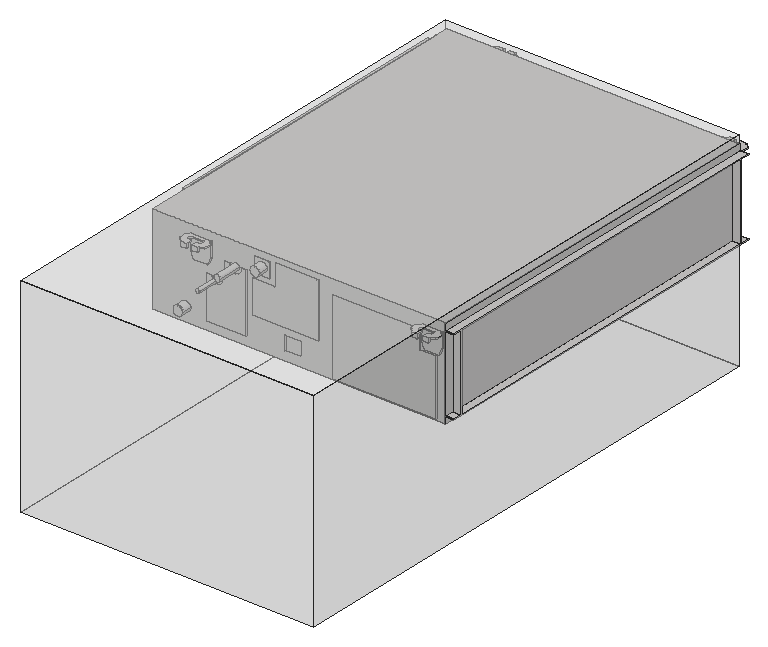
Revit family "outputfile", category 機械設備, Revit 2024
Family settings
  丸型コネクタ寸法 = 半径を使用
  パーツ タイプ = 標準
  OmniClass 番号 = 23.75.10.24.21.27.27
  OmniClass タイトル = Split System Air Conditioning Units
  作業面ベース = いいえ
  常に垂直 = はい
  ロード時にボイドで切り取り = いいえ
  注釈の向きを維持 = いいえ
  共有 = いいえ
  部屋計算ポイント = はい
Parameters (values of type "FBA24CV2S")
  製造元 = "Daikin"
  書き出し IFC クラス(タイプ) = "IfcUnitaryEquipmentType"
  定義済み IFC タイプ(タイプ) = "AIRCONDITIONINGUNIT"
  モデル = "FBA24CV2S"
  switch_frequency = yes
  r_Liquid Pipe Size = Liquid Pipe Size / 2  # 4.75 mm
  r_Gas Pipe Size = Gas Pipe Size / 2  # 7.95 mm
  r_Drain Pipe Size = Drain Pipe Size / 2  # 12.5 mm
  lw_power = 770.0 mm  # constant formula
  lh_SA = 138.0 mm  # constant formula
  lw_SA = if(Width = 550.0 mm, 225.0 mm, if(Width = 700.0 mm, 300.0 mm, if(Width = 1000.0 mm, 450.0 mm, if(Width = 1400.0 mm, 650.0 mm, 725.0 mm))))  # 450.0 mm
  lw_RA = if(Width = 550.0 mm, 275.0 mm, if(Width = 700.0 mm, 349.0 mm, if(Width = 1000.0 mm, 499.0 mm, if(Width = 1400.0 mm, 699.0 mm, 775.0 mm))))  # 499.0 mm
  lh_power = 60.0 mm + [h***]  # 60.0 mm
  lh_mountinghole1 = lh_mountinghole + [h***]  # 222.0 mm
  lh_RA = 123.0 mm  # constant formula
  ld_power = Width / 2  # 500.0 mm
  connector_voltage = Voltage_50Hz  # 220 V
  connector_powerinput = [Power Input (Cooling)]  # 1.950 kW
  connector_phase = Phase_50Hz  # 1
  Voltage_comment_50Hz = "220 - 240"
  Voltage_50Hz = 220 V
  Supply Air Direction [instance] = yes
  Phase_50Hz = 1
  Minimum External Static Pressure = 50.00 Pa
  Maximum External Static Pressure = 150.00 Pa
  Material_Casing = DAIKIN_GalvanizedSteel_Casing_indoorunit
  lw_mountinghole = 630.0 mm  # constant formula
  lh_gaspipe = 183.0 mm + [h***]  # 183.0 mm
  lh_mountinghole = 222.0 mm  # constant formula
  lh_liquidpipe = 136.0 mm + [h***]  # 136.0 mm
  lh_drainpipe = 207.0 mm + [h***]  # 207.0 mm
  lh_antena = Height - lh_mountinghole + 1.0 mm  # 24.0 mm
  ld_drainpipe = Width / 2 + 26.0 mm  # 526.0 mm
  ld_liquidpipe = Width / 2 + 69.0 mm  # 569.0 mm
  ld_gaspipe = Width / 2 + 65.0 mm  # 565.0 mm
  ld_mountinghole = Width + 38.0 mm  # 1038.0 mm
  h*** = 0.0 mm  # constant formula
  lw_liquidpipe = 179.0 mm  # constant formula
  lw_gaspipe = 229.0 mm  # constant formula
  lw_drainpipe = 300.0 mm  # constant formula
  Width = 1000.0 mm
  Version = "ver.1.0"
  Unit Type = "Duct"
  Unit Mass Weight = 37.00 kg
  Unit Designation [instance] = ""
  Uniclass2015Version = "Products v1.30"
  Uniclass2015Title = "Split coil room air conditioning units"
  Uniclass2015Code = "Pr_70_65_03_86"
  Total Cooling Capacity [instance] = 0.000 kW
  Sound Pressure Level_M speed (dBA) = 35
  Sound Pressure Level_L speed (dBA) = 33
  Sound Pressure Level_H speed (dBA) = 38
  Series = "SkyAir_Fan Coil Unit"
  Sensible Cooling Capacity [instance] = 0.000 kW
  SA Duct Size Width = 792.0 mm
  SA Duct Size Height = 176.0 mm
  Refrigerant Type = "R32"
  RA Duct Size Width = 952.0 mm
  RA Duct Size Height = 208.0 mm
  Power Input (Cooling) = 1.950 kW
  Option Accessory 3 [instance] = ""
  Option Accessory 2 [instance] = ""
  Option Accessory 1 [instance] = ""
  Nominal Cooling Capacity = 7.000 kW
  Minimum Airflow = 960.00 m³/h
  Median Airflow = 1170.00 m³/h
  Maximum Airflow = 1380.00 m³/h
  Load Classification = HVAC
  Liquid Pipe Size = 9.5 mm
  Link_Nested Family [instance] = ""
  IfcVersion = ""
  IfcExportType = "AIRCONDITIONINGUNIT"
  IfcExportAs = "IfcUnitaryEquipmentType"
  Height = 245.0 mm
  Heat Exchanger Type = "Cross Fin Coil"
  Gas Pipe Size = 15.9 mm
  Frequency_50Hz = 50 Hz
  Fan Type = "Sirocco Fan"
  Fan Drive = "Direct Drive"
  FCU Tag No. [instance] = ""
  Drain Pipe Size = 25.0 mm
  Design Supply Airflow [instance] = 0.00 m³/h
  Design Return Airflow [instance] = 0.00 m³/h
  Design External Static Pressure [instance] = 0.00 Pa
  Depth = 800.0 mm
  既定の高さ = 0.0 mm
  Cooling Entering Wet Bulb Temperature [instance] = 0.00 °C
  Cooling Entering Dry Bulb Temperature [instance] = 0.00 °C
  Cooling Ambient Wet Bulb Temperature [instance] = 0.00 °C
  Cooling Ambient Dry Bulb Temperature [instance] = 0.00 °C
  Clearance visibility [instance] = yes
  Clearance Top = 20.0 mm
  Clearance Right = 0.0 mm
  Clearance Rear = 0.0 mm
  Clearance Left = 0.0 mm
  Clearance Front = 450.0 mm
  Clearance Bottom = 300.0 mm
Reference planes
  plane 1 "Center (Front/Back)": y = 0
  plane 2 "h": z = 0
  plane 3 "Center (Left/Right)": x = 0
  plane 4 "Back": y = 500
  plane 5 "Front": y = -500
  plane 6 "Left": x = -400
  plane 7 "Right": x = 400
  plane 8 "Top": z = 0
  plane 9 "Bottom": z = -245
  plane 10: y = -215
  plane 11: y = 500
  plane 12: y = -950
  plane 13: x = -400
  plane 14: x = 400
  plane 15: z = 20
  plane 16: z = -545
  plane 17: x = -400
  plane 18: x = -399
  plane 19: x = 399
  plane 20: y = 50
  plane 21: y = -1
  plane 22: z = -122
  plane 23: y = -501
  plane 24: z = -109
  plane 25: x = -221
  plane 26: y = -565
  plane 27: z = -62
  plane 28: x = -171
  plane 29: y = -526
  plane 30: z = -38
  plane 31: x = -100
  plane 32: x = -100
  plane 33: x = -221
  plane 34: x = -171
  plane 35: x = 370
  plane 36: x = -266
  plane 37: x = 364
  plane 38: y = -519
  plane 39: y = 519
  plane 40: z = -23
  plane 41: z = -107
  plane 42: y = -569
  plane 43: z = -207
  plane 44: x = -309
  plane 45: y = -376
  plane 46: x = -251
  plane 47: x = -203
  plane 48: x = -144
  plane 49: z = -59
  plane 50: z = -106
  plane 51: z = -221
  plane 52: z = -109
  plane 53: x = -221
  plane 54: z = -62
  plane 55: x = -171
  plane 56: z = -17
  plane 57: z = -59
  plane 58: x = -121
  plane 59: x = -79
  plane 60: x = -125
  plane 61: x = -64
  plane 62: x = 53
  plane 63: z = -164
  plane 64: z = -73
  plane 65: z = -16
  plane 66: x = 93.5
  plane 67: x = 374.5
  plane 68: x = 330
  plane 69: z = -88.5
  plane 70: z = -38
  plane 71: z = -242.5
  plane 72: x = -38.5
  plane 73: x = 6.5
  plane 74: z = -181
  plane 75: z = -221
  plane 76: y = -499
  plane 77: x = -424
  plane 78: x = 424
Forms (mm)
  Extrusion 1, solid, material "DAIKIN_GalvanizedSteel_Casing_indoorunit" <- "Material_Casing"
    sketch origin (0, 0, 0) x (1, 0, 0) y (0, 1, 0)
      loop
        line (-399, 500) -> (-399, -500) -> (399, -500) -> (399, 500) -> (-399, 500)
    from -245 to 0
  Extrusion 2, solid, material "DAIKIN_GalvanizedSteel_Casing_indoorunit" <- "Material_Casing"
    sketch origin (0, 0, 0) x (1, 0, 0) y (0, 0, 1)
      loop
        line (-251, -221) -> (-144, -221) -> (-144, -59) -> (-154.47, -59)
        arc (-154.47, -59) -> (-171, -78.8) -> (-187.53, -59) r 16.8
        line (-187.53, -59) -> (-203, -59) -> (-203, -106) -> (-206.916, -106)
        arc (-206.916, -106) -> (-221, -123.4) -> (-235.084, -106) r 14.4
        line (-235.084, -106) -> (-251, -106) -> (-251, -221)
    from 500 to 501
  Extrusion 3, solid, material "DAIKIN_GalvanizedSteel_Casing_indoorunit" <- "Material_Casing"
    sketch origin (0, 0, 0) x (1, 0, 0) y (0, 0, 1)
      loop
        line (-121, -17) -> (-121, -59) -> (-79, -59) -> (-79, -17) -> (-121, -17)
      loop
        line (-125, -73) -> (-125, -164) -> (53, -164) -> (53, -16) -> (-64, -16) -> (-64, -73) -> (-125, -73)
    from 500 to 501
  Extrusion 4, solid, material "DAIKIN_GalvanizedSteel_Casing_indoorunit" <- "Material_Casing"
    sketch origin (0, 0, 0) x (1, 0, 0) y (0, 0, 1)
      loop
        line (93.5, -38) -> (93.5, -242.5) -> (374.5, -242.5) -> (374.5, -88.5) -> (330, -88.5) -> (330, -38) -> (93.5, -38)
    from 500 to 501
  Extrusion 5, solid, material "DAIKIN_GalvanizedSteel_Casing_indoorunit" <- "Material_Casing"
    sketch origin (0, 0, 0) x (1, 0, 0) y (0, 0, 1)
      loop
        circle (-221, -109) r 4.75
    from 500 to 569
  Extrusion 6, solid, material "DAIKIN_GalvanizedSteel_Casing_indoorunit" <- "Material_Casing"
    sketch origin (0, 0, 0) x (1, 0, 0) y (0, 0, 1)
      loop
        circle (-171, -62) r 7.95
    from 500 to 565
  Extrusion 7, solid, material "DAIKIN_GalvanizedSteel_Casing_indoorunit" <- "Material_Casing"
    sketch origin (0, 0, 0) x (1, 0, 0) y (0, 0, 1)
      loop
        circle (-100, -38) r 12.5
    from 501 to 526
  Extrusion 8, solid, material "DAIKIN_GalvanizedSteel_Casing_indoorunit" <- "Material_Casing"
    sketch origin (0, 0, 0) x (1, 0, 0) y (0, 0, 1)
      loop
        circle (-309, -207) r 13
    from 500 to 526
  Extrusion 9, void
    sketch origin (0, 0, 0) x (1, 0, 0) y (0, 0, 1)
      loop
        line (-38.5, -181) -> (-38.5, -221) -> (6.5, -221) -> (6.5, -181) -> (-38.5, -181)
    from 499 to 500
Cuts and joins
  Extrusion 9 cuts Extrusion 1
Dimensions and locks
  "Height": plane 8 "Top" to plane 9 "Bottom"
  equal spacing: plane 4 "Back", plane 1 "Center (Front/Back)", plane 5 "Front"
  "Width": plane 4 "Back" to plane 5 "Front"
  equal spacing: plane 6 "Left", plane 3 "Center (Left/Right)", plane 7 "Right"
  "Depth": plane 6 "Left" to plane 7 "Right"
  "Clearance Left": plane 13 to plane 6 "Left"
  "Clearance Right": plane 7 "Right" to plane 14
  "Clearance Rear": plane 11 to plane 4 "Back"
  "Clearance Front": plane 5 "Front" to plane 12
  "Clearance Top": plane 15 to plane 8 "Top"
  "Clearance Bottom": plane 9 "Bottom" to plane 16
  locked: plane 17 to plane 18 at 1
  locked: plane 19 to plane 14 at 1
  "lw_RA": plane 21 to plane 5 "Front"
  "lh_RA": plane 22 to plane 9 "Bottom"
  locked: plane 5 "Front" to plane 23 at 1
  "lw_liquidpipe": plane 25 to plane 6 "Left"
  "lh_liquidpipe": plane 24 to plane 9 "Bottom"
  "lh_gaspipe": plane 27 to plane 9 "Bottom"
  "lw_gaspipe": plane 28 to plane 6 "Left"
  "ld_gaspipe": plane 26 to plane 1 "Center (Front/Back)"
  "ld_drainpipe": plane 29 to plane 1 "Center (Front/Back)"
  "lh_drainpipe": plane 30 to plane 9 "Bottom"
  "lw_drainpipe": plane 31 to plane 6 "Left"
  "lw_drainpipe": plane 6 "Left" to plane 32
  "lw_liquidpipe": plane 6 "Left" to plane 33
  "lw_gaspipe": plane 6 "Left" to plane 34
  "lw_power": plane 6 "Left" to plane 35
  locked: plane 17 to plane 36 at 134
  "lw_mountinghole": plane 36 to plane 37
  equal spacing: plane 38, plane 1 "Center (Front/Back)", plane 39
  "ld_mountinghole": plane 39 to plane 38
  "lh_mountinghole": plane 40 to plane 9 "Bottom"
  "lh_SA": plane 41 to plane 9 "Bottom"
  locked: plane 44 to plane 6 "Left" at 91
  locked: plane 43 to plane 9 "Bottom" at 38
  plane 48 to plane 47 to plane 46 to plane 6 "Left" = 59.0 mm, 48.0 mm, 149.0 mm
  plane 8 "Top" to plane 49 to plane 50 to plane 51 = 59.0 mm locked, 47.0 mm locked, 115.0 mm locked
  plane 55 to plane 53 to plane 6 "Left" = 50.0 mm locked, 179.0 mm locked
  plane 54 to plane 52 to plane 9 "Bottom" = 47.0 mm locked, 136.0 mm locked
  plane 59 to plane 58 to plane 6 "Left" = 42.0 mm locked, 279.0 mm locked
  plane 8 "Top" to plane 56 to plane 57 = 17.0 mm locked, 42.0 mm locked
  plane 62 to plane 61 to plane 60 to plane 6 "Left" = 117.0 mm, 61.0 mm, 275.0 mm
  plane 8 "Top" to plane 65 to plane 64 = 16.0 mm locked, 57.0 mm locked
  locked: plane 65 to plane 63 at 148
  plane 8 "Top" to plane 70 to plane 69 to plane 71 = 38.0 mm locked, 50.5 mm locked, 154.0 mm locked
  plane 67 to plane 68 to plane 66 to plane 6 "Left" = 44.5 mm locked, 236.5 mm locked, 493.5 mm locked
  plane 8 "Top" to plane 74 to plane 75 = 181.0 mm locked, 40.0 mm locked
  plane 73 to plane 72 to plane 6 "Left" = 45.0 mm, 361.5 mm
  locked: plane 76 to plane 5 "Front" at 1
  locked: plane 77 to plane 17 at 24
  locked: plane 14 to plane 78 at 24
  "ld_liquidpipe": plane 42 to plane 1 "Center (Front/Back)"
  "lw_SA": plane 4 "Back" to plane 20
  "r_Liquid Pipe Size": radius of Extrusion 5 sketch curve
  "r_Gas Pipe Size": radius of Extrusion 6 sketch curve
  "r_Drain Pipe Size": radius of Extrusion 7 sketch curve
  aligned and locked: level to plane 2 "h"
  aligned and locked: plane 8 "Top" to Extrusion 1
  aligned and locked: Extrusion 1 to plane 9 "Bottom"
  aligned and locked: nested 5 to plane 12
  aligned and locked: plane 13 to nested 5
  aligned and locked: plane 14 to nested 5
  aligned and locked: nested 5 to plane 13
  aligned and locked: plane 11 to nested 5
  aligned and locked: plane 15 to nested 5
  aligned and locked: plane 16 to nested 5
  aligned and locked: plane 5 "Front" to Extrusion 1 sketch curve
  aligned and locked: Extrusion 1 to plane 18
  aligned and locked: plane 19 to Extrusion 1
  aligned and locked: nested 7 to plane 18
  aligned and locked: nested 7 to plane 20
  aligned and locked: plane 19 to nested 8
  aligned and locked: plane 21 to nested 8
  aligned and locked: plane 22 to nested 8
  aligned and locked: Extrusion 2 to plane 23
  aligned and locked: plane 5 "Front" to Extrusion 2
  aligned and locked: Extrusion 3 to plane 23
  aligned and locked: plane 5 "Front" to Extrusion 3
  aligned and locked: plane 5 "Front" to Extrusion 4
  aligned and locked: Extrusion 5 sketch curve to plane 25
  aligned and locked: plane 24 to Extrusion 5 sketch curve
  aligned and locked: plane 5 "Front" to Extrusion 5
  aligned and locked: Extrusion 6 sketch curve to plane 28
  aligned and locked: plane 27 to Extrusion 6 sketch curve
  aligned and locked: plane 5 "Front" to Extrusion 6
  aligned and locked: Extrusion 7 sketch curve to plane 31
  aligned and locked: Extrusion 7 sketch curve to plane 30
  aligned and locked: Extrusion 7 to plane 29
  aligned and locked: plane 23 to Extrusion 7
  aligned and locked: nested 3 to plane 29
  aligned and locked: plane 32 to nested 3
  aligned and locked: nested 2 to plane 33
  aligned and locked: nested 1 to plane 34
  aligned and locked: Extrusion 6 to plane 26
  aligned and locked: nested 1 to plane 26
  aligned and locked: nested 6 to plane 5 "Front"
  aligned and locked: nested 6 to plane 35
  aligned and locked: plane 36 to nested 10
  aligned and locked: nested 10 to plane 5 "Front"
  aligned and locked: plane 37 to nested 9
  aligned and locked: nested 9 to plane 5 "Front"
  aligned and locked: nested 11 to plane 36
  aligned and locked: plane 4 "Back" to nested 11
  aligned and locked: nested 12 to plane 37
  aligned and locked: plane 4 "Back" to nested 12
  aligned and locked: plane 40 to nested 10
  aligned and locked: plane 40 to nested 11
  aligned and locked: plane 40 to nested 9
  aligned and locked: plane 40 to nested 12
  aligned and locked: plane 36 to nested 14
  aligned and locked: nested 14 to plane 39
  aligned and locked: plane 37 to nested 13
  aligned and locked: nested 13 to plane 39
  aligned and locked: plane 37 to nested 16
  aligned and locked: plane 38 to nested 16
  aligned and locked: plane 38 to nested 15
  aligned and locked: plane 36 to nested 15
  aligned and locked: plane 17 to plane 6 "Left"
  aligned and locked: plane 41 to nested 7
  aligned and locked: Extrusion 5 to plane 42
  aligned and locked: nested 2 to plane 42
  aligned and locked: Extrusion 8 sketch curve to plane 44
  aligned and locked: plane 43 to Extrusion 8 sketch curve
  aligned and locked: plane 5 "Front" to Extrusion 8
  aligned and locked: Extrusion 3 sketch curve to plane 56
  aligned and locked: Extrusion 3 sketch curve to plane 58
  aligned and locked: plane 57 to Extrusion 3 sketch curve
  aligned and locked: plane 59 to Extrusion 3 sketch curve
  aligned and locked: Extrusion 4 to plane 23
  aligned and locked: Extrusion 9 sketch curve to plane 74
  aligned and locked: plane 75 to Extrusion 9 sketch curve
  aligned and locked: plane 73 to Extrusion 9 sketch curve
  aligned and locked: plane 5 "Front" to Extrusion 9
  aligned and locked: plane 76 to Extrusion 9
  aligned and locked: nested 17 to plane 20
  aligned and locked: nested 17 to plane 77
  aligned and locked: plane 21 to nested 18
  aligned and locked: plane 78 to nested 18
  aligned and locked: plane 41 to nested 17
  aligned and locked: nested 18 to plane 22
  aligned and locked: nested 4 to plane 3 "Center (Left/Right)"
  aligned and locked: plane 1 "Center (Front/Back)" to nested 4
  aligned and locked: level to plane 8 "Top"
  aligned and locked: Extrusion 8 to plane 29
Automatic sketch dimensions
  plane 6 "Left" to Extrusion 1 sketch curve = 1.0 mm
  Extrusion 1 sketch curve to plane 7 "Right" = 1.0 mm
  Extrusion 1 sketch curve to plane 4 "Back" = 0.0 mm
  Extrusion 2 sketch curve to plane 46 = 0.0 mm
  Extrusion 2 sketch curve to plane 33 = 0.0 mm
  Extrusion 2 sketch curve to plane 47 = 0.0 mm
  Extrusion 2 sketch curve to plane 34 = 0.0 mm
  Extrusion 2 sketch curve to plane 48 = 0.0 mm
  Extrusion 2 sketch curve to plane 51 = 0.0 mm
  Extrusion 2 sketch curve to plane 52 = 0.0 mm
  Extrusion 2 sketch curve to plane 50 = 0.0 mm  (x3)
  Extrusion 2 sketch curve to plane 54 = 0.0 mm
  Extrusion 2 sketch curve to plane 49 = 0.0 mm  (x3)
  plane 33 to Extrusion 2 sketch curve = 14.084 mm
  plane 34 to Extrusion 2 sketch curve = 16.53 mm
  Extrusion 3 sketch curve to plane 60 = 0.0 mm
  Extrusion 3 sketch curve to plane 61 = 0.0 mm
  Extrusion 3 sketch curve to plane 62 = 0.0 mm
  Extrusion 3 sketch curve to plane 63 = 0.0 mm
  Extrusion 3 sketch curve to plane 64 = 0.0 mm
  Extrusion 3 sketch curve to plane 65 = 0.0 mm
  Extrusion 4 sketch curve to plane 66 = 0.0 mm
  Extrusion 4 sketch curve to plane 68 = 0.0 mm
  Extrusion 4 sketch curve to plane 67 = 0.0 mm
  Extrusion 4 sketch curve to plane 71 = 0.0 mm
  Extrusion 4 sketch curve to plane 69 = 0.0 mm
  Extrusion 4 sketch curve to plane 70 = 0.0 mm
  Extrusion 9 sketch curve to plane 72 = 0.0 mm
  radius of Extrusion 8 sketch curve = 13.0 mm
Nested families
  nested 1: "daikin_connector_rotate2" at (-171, 0, -62), length <- "ld_gaspipe", built-in parameter 1001364 <- "lh_gaspipe", radius <- "r_Gas Pipe Size", type "daikin_connector_rotate2"
    with radius 7.95 mm, length 565.0 mm, angle_vertical 90.00°
  nested 2: "daikin_connector_rotate2" at (-221, 0, -109), length <- "ld_liquidpipe", built-in parameter 1001364 <- "lh_liquidpipe", radius <- "r_Liquid Pipe Size", type "daikin_connector_rotate2"
    with radius 4.75 mm, length 569.0 mm, angle_vertical 90.00°
  nested 3: "daikin_connector_rotate2" at (-100, 0, -38), length <- "ld_drainpipe", built-in parameter 1001364 <- "lh_drainpipe", radius <- "r_Drain Pipe Size", type "daikin_connector_rotate2"
    with radius 12.5 mm, length 526.0 mm, angle_vertical 90.00°
  nested 4: "daikin_△_symbolicline" at (0, 0, 245) x (0, -1, 0) z (0, 0, 1), built-in parameter 1001364 <- "Height", visible <- "Supply Air Direction", type "daikin_△_symbolicline"
    with length 200.0 mm
  nested 5: "daikin_clearancespace" at (0, -225, -262.381), visible <- "Clearance visibility", show <- "Clearance visibility", Link_Nested Family <- "Link_Nested Family", type "daikin_clearancespace"
    with width 800.0 mm, show yes, height 565.0 mm, depth 1450.0 mm, Link_Nested Family ""
  nested 6: "daikin_connector_rotate2" at (370, 0, -185), built-in parameter 1001364 <- "lh_power", length <- "ld_power", type "daikin_connector_rotate2"
    with radius 10.0 mm, length 500.0 mm, angle_vertical 90.00°
  nested 7: "daikin_ductflange_FBA-CV2S2" at (-399, 50, -107) x (0, -1, 0) z (0, 0, 1), type "daikin_ductflange_FBA-CV2S2"
    with width 792.0 mm, w 1000.0 mm
  nested 8: "daikin_ductflange_FBA-CV2S" at (399, -1, -122) x (0, 1, 0) z (0, 0, 1), type "daikin_ductflange_FBA-CV2S"
    with width 952.0 mm, lw 25.0 mm, w 1000.0 mm
  nested 9: "daikin_hangerfixture_FBA-CV2S" at (364, -500, -23), type "daikin_hangerfixture_FBA-CV2S"
  nested 10: "daikin_hangerfixture_FBA-CV2S" at (-266, -500, -23), type "daikin_hangerfixture_FBA-CV2S"
  nested 11: "daikin_hangerfixture_FBA-CV2S" at (-266, 500, -23) x (-1, 0, 0) z (0, 0, 1), type "daikin_hangerfixture_FBA-CV2S"
  nested 12: "daikin_hangerfixture_FBA-CV2S" at (364, 500, -23) x (-1, 0, 0) z (0, 0, 1), type "daikin_hangerfixture_FBA-CV2S"
  nested 13: "daikin_mountinghole" at (364, 519, -245), h_mountinghole <- "lh_mountinghole1", l_antenna <- "lh_antena", Link_Nested Family <- "Link_Nested Family", type "daikin_mountinghole"
    with show yes, l_antenna 24.0 mm, h_mountinghole 222.0 mm, Link_Nested Family ""
  nested 14: "daikin_mountinghole" at (-266, 519, -245), h_mountinghole <- "lh_mountinghole1", l_antenna <- "lh_antena", Link_Nested Family <- "Link_Nested Family", type "daikin_mountinghole"
    with show yes, l_antenna 24.0 mm, h_mountinghole 222.0 mm, Link_Nested Family ""
  nested 15: "daikin_mountinghole" at (-266, -519, -245), h_mountinghole <- "lh_mountinghole1", l_antenna <- "lh_antena", Link_Nested Family <- "Link_Nested Family", type "daikin_mountinghole"
    with show yes, l_antenna 24.0 mm, h_mountinghole 222.0 mm, Link_Nested Family ""
  nested 16: "daikin_mountinghole" at (364, -519, -245), h_mountinghole <- "lh_mountinghole1", l_antenna <- "lh_antena", Link_Nested Family <- "Link_Nested Family", type "daikin_mountinghole"
    with show yes, l_antenna 24.0 mm, h_mountinghole 222.0 mm, Link_Nested Family ""
  nested 17: "daikin_connector_rotate2" at (-400, 50, -107) x (0, -1, 0) z (0, 0, 1), type "daikin_connector_rotate2"
    with radius 10.0 mm, length 24.0 mm, angle_vertical 90.00°
  nested 18: "daikin_connector_rotate2" at (400, -1, -122) x (0, 1, 0) z (0, 0, 1), type "daikin_connector_rotate2"
    with radius 10.0 mm, length 24.0 mm, angle_vertical 90.00°
Connectors
  piping at (-100, -526, -38), diameter 25, driven by "r_Drain Pipe Size"
    settings: on nested 3, index 3, connector inside diameter 609.6 mm, connector length 0.0 mm, flow factor 0, pipe flow 0.00 m³/h, pressure drop 0.0 Pa, fitting loss kfactor 0, connector angle 0.00°, fixture units 0, engagement length 0.0 mm, angle of deflection 0.00°, flow configuration 1, flow direction 2, fitting loss method 4, system type 16, joint type 0, gender type 0, connector reference index -1, connector utility 0, adjustable connector no, is connector primary yes, connector description "Condensate Drain Piping"
  piping at (-171, -565, -62), diameter 15.9, driven by "r_Gas Pipe Size"
    settings: on nested 1, index 4, connector inside diameter 609.6 mm, connector length 0.0 mm, flow factor 0, pipe flow 0.00 m³/h, pressure drop 0.0 Pa, fitting loss kfactor 0, connector angle 0.00°, fixture units 0, engagement length 0.0 mm, angle of deflection 0.00°, flow configuration 1, flow direction 2, fitting loss method 0, system type 29, joint type 0, gender type 0, connector reference index -1, connector utility 0, adjustable connector no, is connector primary no, connector description "Refrigerant Gas Piping"
  piping at (-221, -569, -109), diameter 9.5, driven by "r_Liquid Pipe Size"
    settings: on nested 2, index 5, connector inside diameter 609.6 mm, connector length 0.0 mm, flow factor 0, pipe flow 0.00 m³/h, pressure drop 0.0 Pa, fitting loss kfactor 0, connector angle 0.00°, fixture units 0, engagement length 0.0 mm, angle of deflection 0.00°, flow configuration 1, flow direction 1, fitting loss method 0, system type 29, joint type 0, gender type 0, connector reference index -1, connector utility 0, adjustable connector no, is connector primary no, connector description "Refrigerant Liquid Piping"
  electrical at (370, -500, -185), driven by "Load Classification", driven by "connector_voltage", driven by "connector_phase", driven by "connector_powerinput"
    settings: on nested 6, index 6, voltage 220 V, apparent load 1950 VA, apparent load phase1 0 VA, apparent load phase2 0 VA, apparent load phase3 0 VA, power factor 1, load classification "HVAC", number of poles 1, system type 30, power factor state 1, is connector primary yes, connector utility no, sub classification motor no, connector description "Power Supply"
  hvac at (-424, 50, -107), driven by "SA Duct Size Height", driven by "SA Duct Size Width"
    settings: on nested 17, index 7, duct flow 0.00 m³/h, flow factor 0, pres drop 0.00 Pa, loss coef 0, conn angle 0.00°, conn width 792.0 mm, conn height 176.0 mm, conn diameter 609.6 mm, duct sys type 1, conn prof type 1, flow config 0, flow direction 2, loss method 4, conn ref index -1, conn util no, is conn primary yes, conn desc "SA Duct"
  hvac at (424, -1, -122), driven by "RA Duct Size Height", driven by "RA Duct Size Width"
    settings: on nested 18, index 8, duct flow 0.00 m³/h, flow factor 0, pres drop 0.00 Pa, loss coef 0, conn angle 0.00°, conn width 952.0 mm, conn height 208.0 mm, conn diameter 609.6 mm, duct sys type 2, conn prof type 1, flow config 0, flow direction 1, loss method 4, conn ref index -1, conn util no, is conn primary no, conn desc "RA Duct"
Definition of nested family "daikin_clearancespace"
  Parameters (values of type "daikin_clearancespace")
    Description = "daikin_clearancespace"
    width [instance] = 1823.963 mm
    show [instance] = yes
    material = none
    height [instance] = 1359.762 mm
    depth [instance] = 880.0 mm
    Default Elevation = 0.0 mm
    Link_Nested Family [instance] = ""
  Reference planes
    plane 1 "Center (Front/Back)": y = 0
    plane 2 "Center (Elevation)": z = -0.119
    plane 3 "Center (Left/Right)": x = 0
    plane 4: y = 440
    plane 5: y = -440
    plane 6 "Right": x = 911.982
    plane 7 "Left": x = -911.982
    plane 8 "Top": z = 679.762
    plane 9 "Bottom": z = -680
  Forms (mm)
    Extrusion 1, solid, material <- "material", visible <- "show"
      sketch origin (0, 0, 0) x (1, 0, 0) y (0, 1, 0)
        loop
          line (-911.982, 440) -> (-911.982, -440) -> (911.982, -440) -> (911.982, 440) -> (-911.982, 440)
      from -680 to 679.762
  Lines and regions (mm)
    symbolic lines, visible <- "show"
      curve 1: line (911.982, 440, 0) -> (-911.982, 440, 0)
      curve 2: line (-911.982, 440, 0) -> (-911.982, -440, 0)
      curve 3: line (-911.982, -440, 0) -> (911.982, -440, 0)
      curve 4: line (911.982, -440, 0) -> (911.982, 440, 0)
      curve 5: line (911.982, 0, 679.762) -> (-911.982, 0, 679.762)
      curve 6: line (911.982, 0, -680) -> (911.982, 0, 679.762)
      curve 7: line (-911.982, 0, -680) -> (911.982, 0, -680)
      curve 8: line (-911.982, 0, 679.762) -> (-911.982, 0, -680)
      curve 9: line (0, 440, 679.762) -> (0, -440, 679.762)
      curve 10: line (0, -440, 679.762) -> (0, -440, -680)
      curve 11: line (0, 440, -680) -> (0, 440, 679.762)
      curve 12: line (0, -440, -680) -> (0, 440, -680)
  Dimensions and locks
    "width": plane 7 "Left" to plane 6 "Right"
    "depth": plane 4 to plane 5
    "height": plane 8 "Top" to plane 9 "Bottom"
    equal spacing: plane 7 "Left", plane 3 "Center (Left/Right)", plane 6 "Right"
    equal spacing: plane 4, plane 1 "Center (Front/Back)", plane 5
    equal spacing: plane 8 "Top", plane 2 "Center (Elevation)", plane 9 "Bottom"
    aligned and locked: level to plane 2 "Center (Elevation)"
    aligned and locked: Extrusion 1 sketch curve to plane 4
    aligned and locked: plane 7 "Left" to Extrusion 1 sketch curve
    aligned and locked: Extrusion 1 sketch curve to plane 5
    aligned and locked: Extrusion 1 sketch curve to plane 6 "Right"
    aligned and locked: plane 8 "Top" to Extrusion 1
    aligned and locked: curve 1 to Extrusion 1
    aligned and locked: curve 2 to Extrusion 1
    aligned and locked: curve 3 to Extrusion 1
    aligned and locked: curve 4 to Extrusion 1
    aligned and locked: curve 5 to Extrusion 1
    aligned and locked: curve 6 to Extrusion 1
    aligned and locked: curve 7 to Extrusion 1
    aligned and locked: curve 8 to Extrusion 1
    aligned and locked: curve 9 to Extrusion 1
    aligned and locked: curve 10 to Extrusion 1
    aligned and locked: curve 11 to Extrusion 1
    aligned and locked: curve 12 to Extrusion 1
    aligned and locked: Extrusion 1 to plane 9 "Bottom"
Definition of nested family "daikin_ductflange_FBA-CV2S2"
  Parameters (values of type "daikin_ductflange_FBFC-DVMG2")
    width = if(w = 550.0 mm, 337.0 mm, if(w = 700.0 mm, 492.0 mm, if(w = 1000.0 mm, 792.0 mm, if(w = 1400.0 mm, 1192.0 mm, 1337.0 mm))))  # 1192.0 mm
    material = none
    height = 215.0 mm
    depth = 1.0 mm
    w = 1400.0 mm
    Default Elevation = 0.0 mm
  Reference planes
    plane 1 "Center (Front/Back)": y = 0
    plane 2: z = 0
    plane 3 "Center (Left/Right)": x = 0
    plane 4: z = 88
    plane 5: z = -88
    plane 6: y = -25
    plane 7: z = 106
    plane 8: z = 89
    plane 9: y = -1
    plane 10: x = -617.5
    plane 11: x = 617.5
    plane 12: z = -106
    plane 13: z = -89
    plane 14: y = -1
    plane 15: x = 596
    plane 16: x = -596
    plane 17: x = 597
    plane 18: z = 87
    plane 19: z = -87
    plane 20: x = -597
    plane 21: z = 87
    plane 22: z = -87
    plane 23: y = -1
  Forms (mm)
    Extrusion 1, solid, material <- "material"
      sketch origin (0, 0, 0) x (0, 1, 0) y (0, 0, 1)
        loop
          line (-25, 88) -> (0, 88) -> (0, 106) -> (-1, 106) -> (-1, 89) -> (-25, 89) -> (-25, 88)
      from -617.5 to 617.5
    Extrusion 2, solid, material <- "material"
      sketch origin (0, 0, 0) x (0, 1, 0) y (0, 0, 1)
        loop
          line (-25, -88) -> (-25, -89) -> (-1, -89) -> (-1, -106) -> (0, -106) -> (0, -88) -> (-25, -88)
      from -617.5 to 617.5
    Extrusion 3, solid, material <- "material"
      sketch origin (0, 0, 0) x (1, 0, 0) y (0, 0, 1)
        loop
          line (596, 88) -> (596, -88) -> (617.5, -88) -> (617.5, -87) -> (597, -87) -> (597, 87) -> (617.5, 87) -> (617.5, 88) -> (596, 88)
      from 0 to 25
    Extrusion 4, solid, material <- "material"
      sketch origin (0, 0, 0) x (1, 0, 0) y (0, 0, 1)
        loop
          line (-617.5, 88) -> (-617.5, 87) -> (-597, 87) -> (-597, -87) -> (-617.5, -87) -> (-617.5, -88) -> (-596, -88) -> (-596, 88) -> (-617.5, 88)
      from 0 to 25
    Extrusion 5, solid, material <- "material"
      sketch origin (0, 0, 0) x (1, 0, 0) y (0, 0, 1)
        loop
          line (-617.5, 88) -> (-617.5, -88) -> (-596, -88) -> (-596, 88) -> (-617.5, 88)
        loop
          line (617.5, 88) -> (596, 88) -> (596, -88) -> (617.5, -88) -> (617.5, 88)
      from 0 to 1
  Cuts and joins
    joined: Extrusion 1, Extrusion 2, Extrusion 3, Extrusion 4, Extrusion 5
  Dimensions and locks
    plane 4 to level to plane 5 = 88.0 mm, 88.0 mm
    locked: plane 6 to plane 1 "Center (Front/Back)" at 25
    locked: plane 9 to plane 1 "Center (Front/Back)" at 1
    locked: plane 8 to plane 4 at 1
    locked: plane 16 to plane 10 at 21.5
    locked: plane 17 to plane 15 at 1
    locked: plane 4 to plane 18 at 1
    locked: plane 19 to plane 5 at 1
    "width": plane 15 to plane 16
    plane 4 to plane 5 = 176.0 mm
    locked: plane 16 to plane 20 at 1
    locked: plane 4 to plane 21 at 1
    locked: plane 22 to plane 5 at 1
    locked: plane 23 to plane 1 "Center (Front/Back)" at 1
    plane 4 to level to plane 5 = 88.0 mm locked, 88.0 mm locked
    locked: plane 5 to plane 13 at 1
    locked: plane 5 to plane 12 at 18
    locked: plane 7 to plane 4 at 18
    equal spacing: plane 15, plane 3 "Center (Left/Right)", plane 16
    locked: plane 11 to plane 15 at 21.5
    plane 11 to plane 10 = 1235.0 mm
    aligned and locked: level to plane 2
    aligned and locked: Extrusion 1 to plane 10
    aligned and locked: plane 11 to Extrusion 1
    aligned and locked: plane 5 to Extrusion 2
    aligned and locked: Extrusion 2 to plane 1 "Center (Front/Back)"
    aligned and locked: plane 15 to Extrusion 3 sketch curve
    aligned and locked: Extrusion 3 sketch curve to Extrusion 2  (x2)
    aligned and locked: Extrusion 3 sketch curve to plane 11
    aligned and locked: plane 6 to Extrusion 3
    aligned and locked: Extrusion 2 to plane 10
    aligned and locked: plane 11 to Extrusion 2
    aligned and locked: Extrusion 4 sketch curve to Extrusion 1  (x2)
    aligned and locked: plane 5 to Extrusion 4 sketch curve
    aligned and locked: Extrusion 4 sketch curve to plane 16
    aligned and locked: Extrusion 4 sketch curve to plane 22
    aligned and locked: plane 20 to Extrusion 4 sketch curve
    aligned and locked: plane 21 to Extrusion 4 sketch curve
    aligned and locked: Extrusion 4 to plane 1 "Center (Front/Back)"
    aligned and locked: plane 6 to Extrusion 4
    aligned and locked: Extrusion 5 sketch curve to Extrusion 1  (x4)
    aligned and locked: Extrusion 5 sketch curve to Extrusion 4  (x2)
    aligned and locked: Extrusion 5 sketch curve to Extrusion 3  (x2)
    aligned and locked: Extrusion 5 to plane 1 "Center (Front/Back)"
    aligned and locked: plane 23 to Extrusion 5
  Automatic sketch dimensions
    Extrusion 1 sketch curve to plane 6 = 0.0 mm
    Extrusion 1 sketch curve to plane 7 = 0.0 mm
    Extrusion 1 sketch curve to plane 9 = 0.0 mm
    Extrusion 1 sketch curve to plane 1 "Center (Front/Back)" = 0.0 mm
    Extrusion 1 sketch curve to plane 4 = 0.0 mm
    Extrusion 1 sketch curve to plane 8 = 0.0 mm
    Extrusion 2 sketch curve to plane 6 = 0.0 mm
    plane 12 to Extrusion 2 sketch curve = 0.0 mm
    Extrusion 2 sketch curve to plane 14 = 0.0 mm
    Extrusion 2 sketch curve to plane 1 "Center (Front/Back)" = 0.0 mm
    plane 13 to Extrusion 2 sketch curve = 0.0 mm
    Extrusion 2 sketch curve to plane 5 = 0.0 mm
    Extrusion 3 sketch curve to plane 17 = 0.0 mm
    Extrusion 3 sketch curve to plane 19 = 0.0 mm
    Extrusion 3 sketch curve to plane 18 = 0.0 mm
    Extrusion 3 sketch curve to plane 4 = 0.0 mm
    Extrusion 4 sketch curve to plane 10 = 0.0 mm
Definition of nested family "daikin_ductflange_FBA-CV2S"
  Parameters (values of type "daikin_ductflange_FBFC-DVMG")
    width = if(w = 550.0 mm, 502.0 mm, if(w = 700.0 mm, 654.0 mm, if(w = 1000.0 mm, 952.0 mm, if(w = 1400.0 mm, 1352.0 mm, 1502.0 mm))))  # 654.0 mm
    material = none
    lw = if(width = 654.0 mm, 23.0 mm, 25.0 mm)  # 23.0 mm
    height = 208.0 mm
    depth = 1.0 mm
    w = 700.0 mm
    Default Elevation = 0.0 mm
  Reference planes
    plane 1 "Center (Front/Back)": y = 0
    plane 2: z = 0
    plane 3 "Center (Left/Right)": x = 0
    plane 4: z = 104
    plane 5: z = -104
    plane 6: y = -25
    plane 7: z = 121
    plane 8: z = 105
    plane 9: y = -1
    plane 10: x = -350
    plane 11: x = 350
    plane 12: z = -122
    plane 13: z = -105
    plane 14: y = -1
    plane 15: x = 327
    plane 16: x = -327
    plane 17: x = 328
    plane 18: z = 103
    plane 19: z = -103
    plane 20: x = -328
    plane 21: z = 103
    plane 22: z = -103
    plane 23: y = -1
  Forms (mm)
    Extrusion 1, solid, material <- "material"
      sketch origin (0, 0, 0) x (0, 1, 0) y (0, 0, 1)
        loop
          line (-25, 104) -> (0, 104) -> (0, 121) -> (-1, 121) -> (-1, 105) -> (-25, 105) -> (-25, 104)
      from -350 to 350
    Extrusion 2, solid, material <- "material"
      sketch origin (0, 0, 0) x (0, 1, 0) y (0, 0, 1)
        loop
          line (-25, -104) -> (-25, -105) -> (-1, -105) -> (-1, -122) -> (0, -122) -> (0, -104) -> (-25, -104)
      from -350 to 350
    Extrusion 3, solid, material <- "material"
      sketch origin (0, 0, 0) x (1, 0, 0) y (0, 0, 1)
        loop
          line (327, 104) -> (327, -104) -> (350, -104) -> (350, -103) -> (328, -103) -> (328, 103) -> (350, 103) -> (350, 104) -> (327, 104)
      from 0 to 25
    Extrusion 4, solid, material <- "material"
      sketch origin (0, 0, 0) x (1, 0, 0) y (0, 0, 1)
        loop
          line (-350, 104) -> (-350, 103) -> (-328, 103) -> (-328, -103) -> (-350, -103) -> (-350, -104) -> (-327, -104) -> (-327, 104) -> (-350, 104)
      from 0 to 25
    Extrusion 5, solid, material <- "material"
      sketch origin (0, 0, 0) x (1, 0, 0) y (0, 0, 1)
        loop
          line (-350, 104) -> (-350, -104) -> (-327, -104) -> (-327, 104) -> (-350, 104)
        loop
          line (350, 104) -> (327, 104) -> (327, -104) -> (350, -104) -> (350, 104)
      from 0 to 1
  Cuts and joins
    joined: Extrusion 1, Extrusion 2, Extrusion 3, Extrusion 4, Extrusion 5
  Dimensions and locks
    plane 4 to level to plane 5 = 104.0 mm, 104.0 mm
    locked: plane 6 to plane 1 "Center (Front/Back)" at 25
    locked: plane 9 to plane 1 "Center (Front/Back)" at 1
    locked: plane 8 to plane 4 at 1
    "lw": plane 11 to plane 15
    "lw": plane 16 to plane 10
    locked: plane 17 to plane 15 at 1
    locked: plane 4 to plane 18 at 1
    locked: plane 19 to plane 5 at 1
    "width": plane 15 to plane 16
    equal spacing: plane 15, plane 3 "Center (Left/Right)", plane 16
    locked: plane 16 to plane 20 at 1
    locked: plane 4 to plane 21 at 1
    locked: plane 22 to plane 5 at 1
    locked: plane 23 to plane 1 "Center (Front/Back)" at 1
    locked: plane 7 to plane 4 at 17
    locked: plane 1 "Center (Front/Back)" to plane 14 at 1
    locked: plane 5 to plane 13 at 1
    "height": plane 4 to plane 5
    plane 11 to plane 10 = 700.0 mm
    locked: plane 12 to plane 13 at 17
    equal spacing: plane 4, level, plane 5
    aligned and locked: level to plane 2
    aligned and locked: Extrusion 1 to plane 10
    aligned and locked: plane 11 to Extrusion 1
    aligned and locked: plane 5 to Extrusion 2
    aligned and locked: Extrusion 2 to plane 1 "Center (Front/Back)"
    aligned and locked: plane 15 to Extrusion 3 sketch curve
    aligned and locked: Extrusion 3 sketch curve to Extrusion 2  (x2)
    aligned and locked: Extrusion 3 sketch curve to plane 11
    aligned and locked: plane 6 to Extrusion 3
    aligned and locked: Extrusion 2 to plane 10
    aligned and locked: plane 11 to Extrusion 2
    aligned and locked: Extrusion 4 sketch curve to Extrusion 1  (x2)
    aligned and locked: plane 5 to Extrusion 4 sketch curve
    aligned and locked: Extrusion 4 sketch curve to plane 16
    aligned and locked: Extrusion 4 sketch curve to plane 22
    aligned and locked: plane 20 to Extrusion 4 sketch curve
    aligned and locked: plane 21 to Extrusion 4 sketch curve
    aligned and locked: Extrusion 4 to plane 1 "Center (Front/Back)"
    aligned and locked: plane 6 to Extrusion 4
    aligned and locked: Extrusion 5 sketch curve to Extrusion 1  (x4)
    aligned and locked: Extrusion 5 sketch curve to Extrusion 4  (x2)
    aligned and locked: Extrusion 5 sketch curve to Extrusion 3  (x2)
    aligned and locked: Extrusion 5 to plane 1 "Center (Front/Back)"
    aligned and locked: plane 23 to Extrusion 5
  Automatic sketch dimensions
    Extrusion 1 sketch curve to plane 6 = 0.0 mm
    Extrusion 1 sketch curve to plane 7 = 0.0 mm
    Extrusion 1 sketch curve to plane 9 = 0.0 mm
    Extrusion 1 sketch curve to plane 1 "Center (Front/Back)" = 0.0 mm
    Extrusion 1 sketch curve to plane 4 = 0.0 mm
    Extrusion 1 sketch curve to plane 8 = 0.0 mm
    Extrusion 2 sketch curve to plane 6 = 0.0 mm
    plane 12 to Extrusion 2 sketch curve = 0.0 mm
    Extrusion 2 sketch curve to plane 14 = 0.0 mm
    Extrusion 2 sketch curve to plane 1 "Center (Front/Back)" = 0.0 mm
    plane 13 to Extrusion 2 sketch curve = 0.0 mm
    Extrusion 2 sketch curve to plane 5 = 0.0 mm
    Extrusion 3 sketch curve to plane 17 = 0.0 mm
    Extrusion 3 sketch curve to plane 19 = 0.0 mm
    Extrusion 3 sketch curve to plane 18 = 0.0 mm
    Extrusion 3 sketch curve to plane 4 = 0.0 mm
    Extrusion 4 sketch curve to plane 10 = 0.0 mm
Definition of nested family "daikin_hangerfixture_FBA-CV2S"
  Parameters (values of type "daikin_hangerfixture_FXMQ-PAVE")
    width = 72.0 mm
    material = none
    height = 60.0 mm
    depth = 41.0 mm
    Default Elevation = 0.0 mm
  Reference planes
    plane 1 "Center (Front/Back)": y = 0
    plane 2: z = 0
    plane 3 "Center (Left/Right)": x = 0
    plane 4: y = 417.146
    plane 5: y = -41
    plane 6: x = -36
    plane 7: x = 36
    plane 8: z = -2.3
    plane 9: z = -60
    plane 10: y = -2.3
    plane 11: z = -12
    plane 12: y = -38.7
  Forms (mm)
    Extrusion 1, solid, material <- "material"
      sketch origin (0, 0, 0) x (1, 0, 0) y (0, 1, 0)
        loop
          line (-28, 0) -> (-28, -5)
          arc (-28, -5) -> (-29.127, -8.162) -> (-32, -9.899) r 5
          arc (-32, -9.899) -> (-34.873, -11.636) -> (-36, -14.798) r 5
          line (-36, -14.798) -> (-36, -27.178)
          arc (-36, -27.178) -> (-35.429, -29.499) -> (-33.846, -31.289) r 5
          line (-33.846, -31.289) -> (-23, -38.798) -> (-23, -41.098) -> (-6.5, -41.098) -> (-6.5, -28.498)
          arc (-6.5, -28.498) -> (-7.379, -26.377) -> (-9.5, -25.498) r 3
          line (-9.5, -25.498) -> (-13.5, -25.498)
          arc (-13.5, -25.498) -> (-20, -18.998) -> (-13.5, -12.498) r 6.5
          line (-13.5, -12.498) -> (13.5, -12.498)
          arc (13.5, -12.498) -> (20, -18.998) -> (13.5, -25.498) r 6.5
          line (13.5, -25.498) -> (9.5, -25.498)
          arc (9.5, -25.498) -> (7.379, -26.377) -> (6.5, -28.498) r 3
          line (6.5, -28.498) -> (6.5, -41.098) -> (23, -41.098) -> (23, -38.798) -> (33.846, -31.289)
          arc (33.846, -31.289) -> (35.429, -29.499) -> (36, -27.178) r 5
          line (36, -27.178) -> (36, -14.596)
          arc (36, -14.596) -> (34.873, -11.434) -> (32, -9.697) r 5
          arc (32, -9.697) -> (29.127, -7.96) -> (28, -4.798) r 5
          line (28, -4.798) -> (28, 0) -> (-28, 0)
      from 0 to -2.3
    Extrusion 2, solid, material <- "material"
      sketch origin (0, 0, 0) x (1, 0, 0) y (0, 0, 1)
        loop
          line (28, -39.037) -> (28, 0) -> (-28, 0) -> (-28, -39.037)
          arc (-28, -39.037) -> (-27.91, -39.983) -> (-27.642, -40.894) r 5
          line (-27.642, -40.894) -> (-21.257, -56.857)
          arc (-21.257, -56.857) -> (-19.418, -59.14) -> (-16.615, -60) r 5
          line (-16.615, -60) -> (16.615, -60)
          arc (16.615, -60) -> (19.418, -59.14) -> (21.257, -56.857) r 5
          line (21.257, -56.857) -> (27.642, -40.894)
          arc (27.642, -40.894) -> (27.91, -39.983) -> (28, -39.037) r 5
      from 0 to 2.3
    Extrusion 3, solid, material <- "material"
      sketch origin (0, 0, 0) x (1, 0, 0) y (0, 0, 1)
        loop
          line (-23, 0) -> (-23, -9)
          arc (-23, -9) -> (-22.121, -11.121) -> (-20, -12) r 3
          line (-20, -12) -> (-9.5, -12)
          arc (-9.5, -12) -> (-7.379, -11.121) -> (-6.5, -9) r 3
          line (-6.5, -9) -> (-6.5, 0) -> (-23, 0)
        loop
          line (23, 0) -> (6.5, 0) -> (6.5, -9)
          arc (6.5, -9) -> (7.379, -11.121) -> (9.5, -12) r 3
          line (9.5, -12) -> (20, -12)
          arc (20, -12) -> (22.121, -11.121) -> (23, -9) r 3
          line (23, -9) -> (23, 0)
      from 38.8 to 41.098
  Cuts and joins
    joined: Extrusion 1, Extrusion 2, Extrusion 3
  Dimensions and locks
    plane 2 to plane 8 = 2.3 mm
    "height": plane 2 to plane 9
    locked: plane 10 to plane 1 "Center (Front/Back)" at 2.3
    locked: plane 2 to plane 11 at 12
    locked: plane 12 to plane 5 at 2.3
    aligned and locked: level to plane 2
    aligned and locked: Extrusion 1 to plane 8
    aligned and locked: plane 2 to Extrusion 1
    aligned and locked: plane 2 to Extrusion 2 sketch curve
    aligned and locked: Extrusion 2 to plane 10
    aligned and locked: Extrusion 2 to plane 1 "Center (Front/Back)"
    aligned and locked: Extrusion 3 sketch curve to cut or joined group of Extrusion 1, Extrusion 2, Extrusion 3  (x3)
    aligned and locked: cut or joined group of Extrusion 1, Extrusion 2, Extrusion 3 to Extrusion 3
  Automatic sketch dimensions
    Extrusion 2 sketch curve to plane 7 = 8.0 mm
    Extrusion 2 sketch curve to plane 8 = 36.737 mm
    plane 6 to Extrusion 2 sketch curve = 19.385 mm
    Extrusion 1 sketch curve to plane 6 = 0.0 mm
    plane 1 "Center (Front/Back)" to Extrusion 1 sketch curve = 0.0 mm
    Extrusion 1 sketch curve to plane 7 = 0.0 mm
    plane 6 to Extrusion 1 sketch curve = 2.154 mm
    plane 6 to Extrusion 1 sketch curve = 3.0 mm
    Extrusion 1 sketch curve to Extrusion 1 sketch curve = 5.0 mm  (x3)
    Extrusion 1 sketch curve to plane 12 = 0.098 mm  (x2)
    Extrusion 1 sketch curve to Extrusion 1 sketch curve = 4.0 mm  (x2)
    Extrusion 1 sketch curve to plane 5 = 0.098 mm  (x2)
    Extrusion 1 sketch curve to plane 3 "Center (Left/Right)" = 6.5 mm
    plane 3 "Center (Left/Right)" to Extrusion 1 sketch curve = 6.5 mm
    Extrusion 1 sketch curve to Extrusion 1 sketch curve = 3.0 mm
    Extrusion 1 sketch curve to plane 7 = 8.0 mm
    Extrusion 1 sketch curve to plane 7 = 5.0 mm
    Extrusion 1 sketch curve to plane 7 = 3.0 mm
    Extrusion 1 sketch curve to plane 7 = 2.154 mm
    plane 12 to Extrusion 1 sketch curve = 7.411 mm  (x2)
    plane 12 to Extrusion 1 sketch curve = 10.202 mm  (x2)
    Extrusion 1 sketch curve to Extrusion 1 sketch curve = 6.5 mm  (x2)
    Extrusion 1 sketch curve to Extrusion 1 sketch curve = 12.38 mm
    Extrusion 1 sketch curve to plane 10 = 12.296 mm
    Extrusion 1 sketch curve to plane 10 = 2.7 mm
    Extrusion 1 sketch curve to plane 10 = 2.498 mm
    plane 6 to Extrusion 1 sketch curve = 4.0 mm
    Extrusion 1 sketch curve to Extrusion 1 sketch curve = 0.0 mm  (x2)
    Extrusion 1 sketch curve to plane 7 = 4.0 mm
    Extrusion 1 sketch curve to Extrusion 1 sketch curve = 4.111 mm
    Extrusion 3 sketch curve to level = 0.0 mm  (x2)
    Extrusion 3 sketch curve to plane 11 = 0.0 mm  (x2)
    plane 11 to Extrusion 3 sketch curve = 3.0 mm  (x2)
    plane 3 "Center (Left/Right)" to Extrusion 3 sketch curve = 6.5 mm
    Extrusion 3 sketch curve to Extrusion 3 sketch curve = 3.0 mm  (x2)
    Extrusion 2 sketch curve to plane 9 = 0.0 mm
    Extrusion 2 sketch curve to Extrusion 2 sketch curve = 11.385 mm
    plane 6 to Extrusion 2 sketch curve = 8.0 mm
    plane 9 to Extrusion 2 sketch curve = 20.963 mm
    Extrusion 2 sketch curve to Extrusion 2 sketch curve = 5.0 mm  (x2)
    plane 9 to Extrusion 2 sketch curve = 3.143 mm  (x3)
    Extrusion 2 sketch curve to Extrusion 2 sketch curve = 4.642 mm  (x2)
    Extrusion 2 sketch curve to Extrusion 2 sketch curve = 0.0 mm  (x2)
    Extrusion 2 sketch curve to Extrusion 2 sketch curve = 0.358 mm
    Extrusion 2 sketch curve to Extrusion 2 sketch curve = 1.857 mm  (x2)
Definition of nested family "daikin_connector_rotate2"
  Parameters (values of type "daikin_connector_rotate2")
    Default Elevation = 1219.2 mm
    show_face = no
    radius [instance] = 10.0 mm
    length [instance] = 600.0 mm
    d_surface = 10.0 mm
    angle_vertical [instance] = 90.00°
  Reference planes
    plane 1 "Center (Front/Back)": y = 0
    plane 2: z = 0
    plane 3 "Center (Left/Right)": x = 0
  Forms (mm)
    Extrusion 1, solid, visible <- "show_face"
      sketch origin (0, -600, 0) x (1, 0, 0) y (0, 0, 1)
        loop
          circle (0, 0) r 10
      from 0 to -10
  Lines and regions (mm)
    reference lines
      curve 1: line (0, 0, 0) -> (0, -600, 0)
    symbolic lines
      curve 2: circle (0, 0, 0) r 5 normal (0, 0, 1)
    model lines, visible <- "show_face"
      curve 3: line (0, 0, 0) -> (0, -600, 0)
  Dimensions and locks
    "length": curve 1 to curve 1
    "length": curve 3 to curve 3
    "d_surface": Extrusion 1 to Extrusion 1
    "radius": radius of Extrusion 1 sketch curve
    "angle_vertical": angle curve 1 to plane 1 "Center (Front/Back)"
    "angle_vertical": angle curve 3 to plane 1 "Center (Front/Back)"
    aligned and locked: level to plane 2
    aligned and locked: plane 1 "Center (Front/Back)" to curve 1
    aligned and locked: plane 2 to curve 1
    aligned and locked: plane 1 "Center (Front/Back)" to curve 2
    aligned and locked: plane 3 "Center (Left/Right)" to curve 2
    aligned and locked: plane 1 "Center (Front/Back)" to curve 3
    aligned and locked: plane 2 to curve 3
    aligned and locked: Extrusion 1 to Extrusion 1
  Automatic sketch dimensions
    Extrusion 1 sketch curve to level = 0.0 mm
    Extrusion 1 sketch curve to plane 3 "Center (Left/Right)" = 0.0 mm
    radius of curve 2 = 5.0 mm
Definition of nested family "daikin_△_symbolicline"
  Parameters (values of type "daikin_△_symbolicline")
    length [instance] = 200.0 mm
    Default Elevation = 0.0 mm
  Reference planes
    plane 1 "Center (Front/Back)": y = 0
    plane 2: z = 0
    plane 3 "Center (Left/Right)": x = 0
  Lines and regions (mm)
    symbolic lines
      curve 1: line (0, -173.205, 0) -> (100, 0, 0)
      curve 2: line (100, 0, 0) -> (-100, 0, 0)
      curve 3: line (-100, 0, 0) -> (0, -173.205, 0)
  Dimensions and locks
    equal spacing: curve 3, plane 3 "Center (Left/Right)", curve 2
    "length": curve 3 to curve 2
    "length": curve 3 to curve 3
    "length": curve 1 to curve 1
    aligned and locked: level to plane 2
    aligned and locked: curve 2 to plane 1 "Center (Front/Back)"
    aligned and locked: plane 3 "Center (Left/Right)" to curve 3
Definition of nested family "daikin_mountinghole"
  Parameters (values of type "daikin_mountinghole")
    Default Elevation = 1219.2 mm
    Type Comments = "mountinghole"
    show [instance] = yes
    material = none
    l_centerline = 100.0 mm
    l_antenna [instance] = 100.0 mm
    h_mountinghole [instance] = 0.0 mm
    d_circle = 30.0 mm
    Link_Nested Family [instance] = ""
  Reference planes
    plane 1 "Center (Front/Back)": y = 0
    plane 2: z = 0
    plane 3 "Center (Left/Right)": x = 0
    plane 4: y = 50
    plane 5: x = -50
    plane 6: x = 50
    plane 7: y = -50
    plane 8 "h_mountinghole": z = 0
    plane 9: z = 100
  Lines and regions (mm)
    model lines, detail levels fine
      curve 1: circle (0, 0, 0) r 15 normal (0, 0, 1)
      curve 2: line (-50, 0, 0) -> (50, 0, 0)
      curve 3: line (0, 50, 0) -> (0, -50, 0)
    symbolic lines, detail levels fine
      curve 4: circle (0, 0, 0) r 15 normal (0, 0, 1)
      curve 5: line (-50, 0, 0) -> (50, 0, 0)
      curve 6: line (0, 50, 0) -> (0, -50, 0)
    model lines
      curve 7: line (0, 0, 100) -> (0, 0, 0)
  Dimensions and locks
    equal spacing: plane 4, plane 1 "Center (Front/Back)", plane 7
    "l_centerline": plane 4 to plane 7
    equal spacing: plane 5, plane 3 "Center (Left/Right)", plane 6
    "l_centerline": plane 5 to plane 6
    "l_antenna": plane 9 to plane 8 "h_mountinghole"
    "h_mountinghole": plane 8 "h_mountinghole" to plane 2
    "d_circle": diameter of curve 1
    "d_circle": diameter of curve 4
    aligned and locked: level to plane 2
    aligned and locked: plane 1 "Center (Front/Back)" to curve 1
    aligned and locked: plane 3 "Center (Left/Right)" to curve 1
    aligned and locked: plane 1 "Center (Front/Back)" to curve 2
    aligned and locked: curve 3 to plane 3 "Center (Left/Right)"
    aligned and locked: plane 6 to curve 2
    aligned and locked: plane 5 to curve 2
    aligned and locked: plane 4 to curve 3
    aligned and locked: plane 7 to curve 3
    aligned and locked: plane 1 "Center (Front/Back)" to curve 4
    aligned and locked: plane 3 "Center (Left/Right)" to curve 4
    aligned and locked: plane 6 to curve 5
    aligned and locked: plane 5 to curve 5
    aligned and locked: plane 1 "Center (Front/Back)" to curve 5
    aligned and locked: plane 4 to curve 6
    aligned and locked: plane 7 to curve 6
    aligned and locked: curve 6 to plane 3 "Center (Left/Right)"
    aligned and locked: curve 7 to plane 3 "Center (Left/Right)"
    aligned and locked: plane 9 to curve 7
    aligned and locked: plane 8 "h_mountinghole" to curve 7
